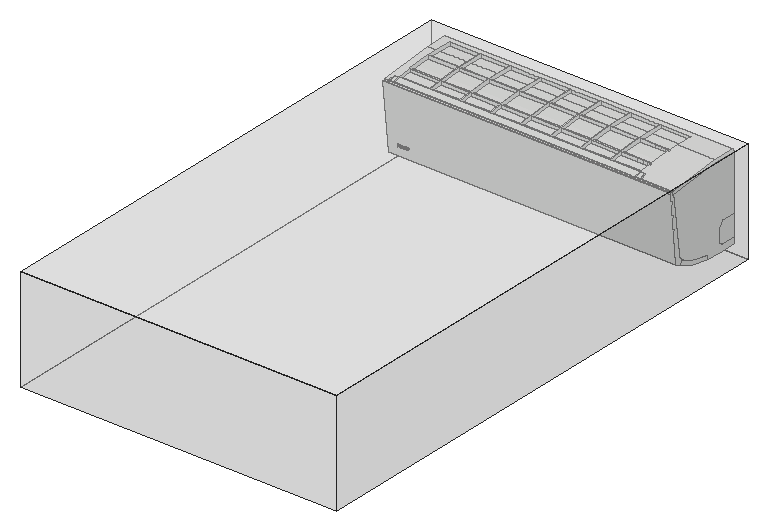
Revit family "outputfile", category 機械設備, Revit 2024
Family settings
  丸型コネクタ寸法 = 半径を使用
  パーツ タイプ = 標準
  OmniClass 番号 = 23.75.10.24.21.27.27
  OmniClass タイトル = Split System Air Conditioning Units
  作業面ベース = いいえ
  常に垂直 = はい
  ロード時にボイドで切り取り = いいえ
  注釈の向きを維持 = いいえ
  共有 = いいえ
  部屋計算ポイント = いいえ
Parameters (values of type "FTKF75CV1MF")
  Description = ""
  書き出し IFC クラス(タイプ) = "IfcUnitaryEquipmentType"
  定義済み IFC タイプ(タイプ) = "AIRCONDITIONINGUNIT"
  Cost = 0
  Type Comments = ""
  Keynote = ""
  Type Image = (empty or 0)
  Assembly Code = ""
  switch_frequency = yes
  lw_connection [instance] = if(Width = 730.0 mm, 85.0 mm, if(Width = 770.0 mm, 48.0 mm, 60.0 mm))  # 60.0 mm
  製造元 = "Daikin"
  モデル = "FTKF75CV1MF"
  r_Liquid Pipe Size = Liquid Pipe Size / 2  # 4.75 mm
  r_Gas Pipe Size = Gas Pipe Size / 2  # 7.95 mm
  r_Drain Pipe Size = Drain Pipe Size / 2  # 9.55 mm
  lw_powersupply [instance] = if(Width = 730.0 mm, if(or(Rear Right Connection_refrigerant, Bottom Right Connection_refrigerant), 65.0 mm, if(or(Rear Left Connection_refrigerant, Bottom Left Connection_refrigerant), 695.0 mm, 400.0 mm)), if(Width = 770.0 mm, if(or(Rear Right Connection_refrigerant, Bottom Right Connection_refrigerant), 68.0 mm, if(or(Rear Left Connection_refrigerant, Bottom Left Connection_refrigerant), 705.0 mm, 400.0 mm)), if(or(Rear Right Connection_refrigerant, Bottom Right Connection_refrigerant), 83.0 mm, if(or(Rear Left Connection_refrigerant, Bottom Left Connection_refrigerant), 928.0 mm, 400.0 mm))))  # 400.0 mm
  lw_liquidpipe [instance] = if(Width = 730.0 mm, if(or(Rear Right Connection_refrigerant, Bottom Right Connection_refrigerant), 0.0 mm, if(or(Rear Left Connection_refrigerant, Bottom Left Connection_refrigerant), 582.0 mm, 473.0 mm)), if(Width = 770.0 mm, if(or(Rear Right Connection_refrigerant, Bottom Right Connection_refrigerant), 0.0 mm, if(or(Rear Left Connection_refrigerant, Bottom Left Connection_refrigerant), 682.0 mm, 385.0 mm)), if(or(Rear Right Connection_refrigerant, Bottom Right Connection_refrigerant), 10.0 mm, if(or(Rear Left Connection_refrigerant, Bottom Left Connection_refrigerant), 858.0 mm, 435.0 mm))))  # 435.0 mm
  lw_gaspipe [instance] = if(Width = 730.0 mm, if(or(Rear Right Connection_refrigerant, Bottom Right Connection_refrigerant), 0.0 mm, if(or(Rear Left Connection_refrigerant, Bottom Left Connection_refrigerant), 576.0 mm, 428.0 mm)), if(Width = 770.0 mm, if(or(Rear Right Connection_refrigerant, Bottom Right Connection_refrigerant), 0.0 mm, if(or(Rear Left Connection_refrigerant, Bottom Left Connection_refrigerant), 675.0 mm, 335.0 mm)), if(or(Rear Right Connection_refrigerant, Bottom Right Connection_refrigerant), 0.0 mm, if(or(Rear Left Connection_refrigerant, Bottom Left Connection_refrigerant), 851.0 mm, 400.0 mm))))  # 400.0 mm
  lw_drainpipe [instance] = if(Width = 730.0 mm, if(or(Rear Right Connection_refrigerant, Bottom Right Connection_refrigerant), 0.0 mm, if(or(Rear Left Connection_refrigerant, Bottom Left Connection_refrigerant), 590.0 mm, 488.0 mm)), if(Width = 770.0 mm, if(or(Rear Right Connection_refrigerant, Bottom Right Connection_refrigerant), 0.0 mm, if(or(Rear Left Connection_refrigerant, Bottom Left Connection_refrigerant), 695.0 mm, 440.0 mm)), if(or(Rear Right Connection_refrigerant, Bottom Right Connection_refrigerant), 0.0 mm, if(or(Rear Left Connection_refrigerant, Bottom Left Connection_refrigerant), 888.0 mm, 475.0 mm))))  # 475.0 mm
  l_powersupply_length [instance] = if(Width = 730.0 mm, if(Right Connection_refrigerant, 400.0 mm, if(Left Connection_refrigerant, 330.0 mm, if(or(Bottom Left Connection_refrigerant, Bottom Right Connection_refrigerant), 57.0 mm, if(or(Rear Left Connection_refrigerant, Rear Right Connection_refrigerant), 15.0 mm, 50.0 mm)))), if(Width = 770.0 mm, if(Right Connection_refrigerant, 400.0 mm, if(Left Connection_refrigerant, 370.0 mm, if(or(Bottom Left Connection_refrigerant, Bottom Right Connection_refrigerant), 57.0 mm, if(or(Rear Left Connection_refrigerant, Rear Right Connection_refrigerant), 15.0 mm, 50.0 mm)))), if(Right Connection_refrigerant, 400.0 mm, if(Left Connection_refrigerant, 590.0 mm, if(or(Bottom Left Connection_refrigerant, Bottom Right Connection_refrigerant), 57.0 mm, if(or(Rear Left Connection_refrigerant, Rear Right Connection_refrigerant), 15.0 mm, 50.0 mm))))))  # 400.0 mm
  l_liquidpipe_length [instance] = if(Width = 730.0 mm, if(Right Connection_refrigerant, 558.0 mm, if(Left Connection_refrigerant, 172.0 mm, if(or(Bottom Left Connection_refrigerant, Bottom Right Connection_refrigerant), 48.0 mm, if(or(Rear Left Connection_refrigerant, Rear Right Connection_refrigerant), 30.0 mm, 40.0 mm)))), if(Width = 770.0 mm, if(Right Connection_refrigerant, 433.0 mm, if(Left Connection_refrigerant, 337.0 mm, if(or(Bottom Left Connection_refrigerant, Bottom Right Connection_refrigerant), 48.0 mm, if(or(Rear Left Connection_refrigerant, Rear Right Connection_refrigerant), 30.0 mm, 40.0 mm)))), if(Right Connection_refrigerant, 495.0 mm, if(Left Connection_refrigerant, 495.0 mm, if(or(Bottom Left Connection_refrigerant, Bottom Right Connection_refrigerant), 48.0 mm, if(or(Rear Left Connection_refrigerant, Rear Right Connection_refrigerant), 30.0 mm, 40.0 mm))))))  # 495.0 mm
  l_gaspipe_length [instance] = if(Width = 730.0 mm, if(Right Connection_refrigerant, 513.0 mm, if(Left Connection_refrigerant, 217.0 mm, if(or(Bottom Left Connection_refrigerant, Bottom Right Connection_refrigerant), 57.0 mm, if(or(Rear Left Connection_refrigerant, Rear Right Connection_refrigerant), 40.0 mm, 50.0 mm)))), if(Width = 770.0 mm, if(Right Connection_refrigerant, 383.0 mm, if(Left Connection_refrigerant, 387.0 mm, if(or(Bottom Left Connection_refrigerant, Bottom Right Connection_refrigerant), 57.0 mm, if(or(Rear Left Connection_refrigerant, Rear Right Connection_refrigerant), 40.0 mm, 50.0 mm)))), if(Right Connection_refrigerant, 460.0 mm, if(Left Connection_refrigerant, 530.0 mm, if(or(Bottom Left Connection_refrigerant, Bottom Right Connection_refrigerant), 57.0 mm, if(or(Rear Left Connection_refrigerant, Rear Right Connection_refrigerant), 40.0 mm, 50.0 mm))))))  # 460.0 mm
  l_drainpipe_length [instance] = if(Width = 730.0 mm, if(Right Connection_refrigerant, 573.0 mm, if(Left Connection_refrigerant, 157.0 mm, if(or(Bottom Left Connection_refrigerant, Bottom Right Connection_refrigerant), 35.0 mm, if(or(Rear Left Connection_refrigerant, Rear Right Connection_refrigerant), 15.0 mm, 20.0 mm)))), if(Width = 770.0 mm, if(Right Connection_refrigerant, 488.0 mm, if(Left Connection_refrigerant, 282.0 mm, if(or(Bottom Left Connection_refrigerant, Bottom Right Connection_refrigerant), 35.0 mm, if(or(Rear Left Connection_refrigerant, Rear Right Connection_refrigerant), 15.0 mm, 20.0 mm)))), if(Right Connection_refrigerant, 535.0 mm, if(Left Connection_refrigerant, 455.0 mm, if(or(Bottom Left Connection_refrigerant, Bottom Right Connection_refrigerant), 35.0 mm, if(or(Rear Left Connection_refrigerant, Rear Right Connection_refrigerant), 15.0 mm, 20.0 mm))))))  # 535.0 mm
  h*** = 0.0 mm  # constant formula
  connector_voltage = Voltage_50Hz  # 230 V
  connector_powerinput = [Power Input (Cooling)]  # 2.180 kW
  connector_phase = Phase_50Hz  # 1
  angle_vertical [instance] = if(or(Bottom Left Connection_refrigerant, Bottom Right Connection_refrigerant), 0.00°, 90.00°)  # 90.00°
  angle_horizontal [instance] = if(Right Connection_refrigerant, 90.00°, if(Left Connection_refrigerant, -90.00°, if(or(Rear Left Connection_refrigerant, Rear Right Connection_refrigerant), 180.00°, 0.00°)))  # 90.00°
  Width = 990.0 mm
  Voltage_comment_50Hz = "220 - 240"
  Voltage_50Hz = 230 V
  Version = "ver.1.0"
  Unit Type = "Wall Mounted"
  Unit Mass Weight = 13.00 kg
  Unit Designation [instance] = ""
  Uniclass2015Version = "Products v1.30"
  Uniclass2015Title = "Split coil room air conditioning units"
  Uniclass2015Code = "Pr_70_65_03_86"
  URL = ""
  Total Cooling Capacity [instance] = 0.000 kW
  Sound Pressure Level_M speed (dBA) = 41
  Sound Pressure Level_L speed (dBA) = 36
  Sound Pressure Level_H speed (dBA) = 44
  Sound Power Level_H speed (dB) = 0
  Series = "Single Split_Fan Coil Unit"
  Sensible Cooling Capacity [instance] = 0.000 kW
  Refrigerant Type = "R32"
  Power Input (Cooling) = 2.180 kW
  Phase_50Hz = 1
  Option Accessory 3 [instance] = ""
  Option Accessory 2 [instance] = ""
  Option Accessory 1 [instance] = ""
  Nominal Cooling Capacity = 7.500 kW
  Minimum Circuit Amps_50Hz = 17.9 A
  Minimum Airflow = 816.00 m³/h
  Median Airflow = 951.00 m³/h
  Maximum Fuse Amps_50Hz = 20.0 A
  Maximum Airflow = 1189.00 m³/h
  Material_Casing = DAIKIN_White_Casing_indoorunit
  Load Classification = HVAC
  Liquid Pipe Size = 9.5 mm
  Link_Nested Family [instance] = ""
  IfcVersion = ""
  IfcExportType = "AIRCONDITIONINGUNIT"
  IfcExportAs = "IfcUnitaryEquipmentType"
  Height = 297.0 mm
  Heat Exchanger Type = "Cross Fin Coil"
  Gas Pipe Size = 15.9 mm
  Frequency_50Hz = 50 Hz
  Fan Type = "Cross Flow Fan"
  Fan Drive = "-"
  FCU Tag No. [instance] = ""
  Drain Pipe Size = 19.1 mm
  Design Supply Airflow [instance] = 0.00 m³/h
  Depth = 273.0 mm
  既定の高さ = 0.0 mm
  Cooling Entering Wet Bulb Temperature [instance] = 0.00 °C
  Cooling Entering Dry Bulb Temperature [instance] = 0.00 °C
  Cooling Ambient Wet Bulb Temperature [instance] = 0.00 °C
  Cooling Ambient Dry Bulb Temperature [instance] = 0.00 °C
  Clearance visibility [instance] = yes
  Clearance Top = 30.0 mm
  Clearance Right = 50.0 mm
  Clearance Rear = 0.0 mm
  Clearance Left = 50.0 mm
  Clearance Front = 1500.0 mm
  Clearance Bottom = 30.0 mm
  Bottom Right Connection_refrigerant [instance] = no
  Bottom Left Connection_refrigerant [instance] = no
  Rear Right Connection_refrigerant [instance] = no
  Rear Left Connection_refrigerant [instance] = no
  Right Connection_refrigerant [instance] = yes
  Left Connection_refrigerant [instance] = no
Reference planes
  plane 1 "Back": y = 0
  plane 2: z = 0
  plane 3 "Center (Left/Right)": x = 0
  plane 4 "Center (Front/Back)": y = -136.5
  plane 5 "Front": y = -273
  plane 6 "Left": x = -495
  plane 7 "Right": x = 495
  plane 8 "Top": z = 0
  plane 9 "Bottom": z = -297
  plane 10 "Front panel_Left": x = -493
  plane 11 "Front panel_Right": x = 493
  plane 12: x = 359
  plane 13: x = 354
  plane 14: x = -545
  plane 15: x = 545
  plane 16: y = 0
  plane 17: y = -1773
  plane 18: z = 30
  plane 19: z = -327
  plane 20 "lw_Piping and Wiring intake": x = 435
  plane 21 "lw_gaspipe": x = 35
  plane 22 "lw_liquidpipe": x = 0
  plane 23 "lw_drainpipe": x = -40
  plane 24 "lh_drainpipe": z = -262
  plane 25 "lh_liquidpipe": z = -249
  plane 26 "lh_gaspipe": z = -240
  plane 27 "ld_drainpipe": y = -15
  plane 28 "ld_liquidpipe": y = -30
  plane 29 "ld_gaspipe": y = -40
  plane 30 "lw_powersupply": x = 95
Dimensions and locks
  equal spacing: plane 6 "Left", plane 3 "Center (Left/Right)", plane 7 "Right"
  "Width": plane 6 "Left" to plane 7 "Right"
  equal spacing: plane 5 "Front", plane 4 "Center (Front/Back)", plane 1 "Back"
  "Depth": plane 5 "Front" to plane 1 "Back"
  "Height": plane 8 "Top" to plane 9 "Bottom"
  locked: plane 10 "Front panel_Left" to plane 6 "Left" at 2
  locked: plane 7 "Right" to plane 11 "Front panel_Right" at 2
  locked: plane 7 "Right" to plane 12 at 136
  locked: plane 12 to plane 13 at 5
  "Clearance Rear": plane 16 to plane 1 "Back"
  "Clearance Front": plane 17 to plane 5 "Front"
  "Clearance Top": plane 18 to plane 8 "Top"
  "Clearance Bottom": plane 9 "Bottom" to plane 19
  "lw_connection": plane 20 "lw_Piping and Wiring intake" to plane 7 "Right"
  "lw_gaspipe": plane 21 "lw_gaspipe" to plane 20 "lw_Piping and Wiring intake"
  "lw_liquidpipe": plane 22 "lw_liquidpipe" to plane 20 "lw_Piping and Wiring intake"
  "lw_drainpipe": plane 23 "lw_drainpipe" to plane 20 "lw_Piping and Wiring intake"
  locked: plane 24 "lh_drainpipe" to plane 9 "Bottom" at 35
  locked: plane 25 "lh_liquidpipe" to plane 9 "Bottom" at 48
  locked: plane 26 "lh_gaspipe" to plane 9 "Bottom" at 57
  locked: plane 27 "ld_drainpipe" to plane 1 "Back" at 15
  locked: plane 1 "Back" to plane 28 "ld_liquidpipe" at 30
  locked: plane 1 "Back" to plane 29 "ld_gaspipe" at 40
  "lw_powersupply": plane 30 "lw_powersupply" to plane 7 "Right"
  "Clearance Left": plane 14 to plane 6 "Left"
  "Clearance Right": plane 7 "Right" to plane 15
  aligned and locked: level to plane 2
  aligned and locked: plane 19 to nested 1
  aligned and locked: plane 18 to nested 1
  aligned and locked: plane 21 "lw_gaspipe" to nested 2
  aligned and locked: nested 2 to plane 29 "ld_gaspipe"
  aligned and locked: plane 22 "lw_liquidpipe" to nested 3
  aligned and locked: nested 3 to plane 28 "ld_liquidpipe"
  aligned and locked: plane 23 "lw_drainpipe" to nested 4
  aligned and locked: nested 4 to plane 27 "ld_drainpipe"
  aligned and locked: nested 5 to plane 27 "ld_drainpipe"
  aligned and locked: plane 30 "lw_powersupply" to nested 5
  aligned and locked: level to plane 8 "Top"
  aligned and locked: nested 1 to plane 14
  aligned and locked: nested 1 to plane 15
  aligned and locked: plane 16 to nested 1
  aligned and locked: nested 1 to plane 17
Nested families
  nested 1: "daikin_clearancespace" at (0, -886.5, -148.381), show <- "Clearance visibility", visible <- "Clearance visibility", Link_Nested Family <- "Link_Nested Family", type "daikin_clearancespace"
    with width 1090.0 mm, show yes, height 357.0 mm, depth 1773.0 mm, Link_Nested Family ""
  nested 2: "daikin_connector_rotate3" at (35, -40, -240), angle_vertical <- "angle_vertical", angle_horizontal <- "angle_horizontal", length <- "l_gaspipe_length", radius <- "r_Gas Pipe Size", type "daikin_connector_rotate3"
    with show no, radius 7.95 mm, length 460.0 mm, angle_vertical 90.00°, angle_horizontal 90.00°
  nested 3: "daikin_connector_rotate3" at (0, -30, -249), angle_vertical <- "angle_vertical", angle_horizontal <- "angle_horizontal", radius <- "r_Liquid Pipe Size", length <- "l_liquidpipe_length", type "daikin_connector_rotate3"
    with show no, radius 4.75 mm, length 495.0 mm, angle_vertical 90.00°, angle_horizontal 90.00°
  nested 4: "daikin_connector_rotate3" at (-40, -15, -262), angle_vertical <- "angle_vertical", angle_horizontal <- "angle_horizontal", length <- "l_drainpipe_length", radius <- "r_Drain Pipe Size", type "daikin_connector_rotate3"
    with show no, radius 9.55 mm, length 535.0 mm, angle_vertical 90.00°, angle_horizontal 90.00°
  nested 5: "daikin_connector_rotate3" at (95, -15, -240), angle_vertical <- "angle_vertical", angle_horizontal <- "angle_horizontal", length <- "l_powersupply_length", type "daikin_connector_rotate3"
    with show no, radius 10.0 mm, length 400.0 mm, angle_vertical 90.00°, angle_horizontal 90.00°
  nested 6: "DAIKIN_indoorunit_FTKF-CV1MF" at (-31, 0, 0), type "FTKF-CV1MF"
    with switch_unit1_60-71 yes, switch_unit1_20-25 no, Width 990.0 mm, WALL HOLE-R 48.0 mm, Height 297.0 mm
Connectors
  piping at (495, -40, -240), diameter 15.9, driven by "r_Gas Pipe Size"
    settings: on nested 2, index 1, connector inside diameter 609.6 mm, connector length 0.0 mm, flow factor 0, pipe flow 0.00 m³/h, pressure drop 0.0 Pa, fitting loss kfactor 0, connector angle 0.00°, fixture units 0, engagement length 0.0 mm, angle of deflection 0.00°, flow configuration 1, flow direction 2, fitting loss method 0, system type 29, joint type 0, gender type 0, connector reference index -1, connector utility 0, adjustable connector no, is connector primary yes, connector description "Refrigerant Gas Piping"
  piping at (495, -30, -249), diameter 9.5, driven by "r_Liquid Pipe Size"
    settings: on nested 3, index 2, connector inside diameter 609.6 mm, connector length 0.0 mm, flow factor 0, pipe flow 0.00 m³/h, pressure drop 0.0 Pa, fitting loss kfactor 0, connector angle 0.00°, fixture units 0, engagement length 0.0 mm, angle of deflection 0.00°, flow configuration 1, flow direction 1, fitting loss method 0, system type 29, joint type 0, gender type 0, connector reference index -1, connector utility 0, adjustable connector no, is connector primary no, connector description "Refrigerant Liquid Piping"
  piping at (495, -15, -262), diameter 19.1, driven by "r_Drain Pipe Size"
    settings: on nested 4, index 3, connector inside diameter 609.6 mm, connector length 0.0 mm, flow factor 0, pipe flow 0.00 m³/h, pressure drop 0.0 Pa, fitting loss kfactor 0, connector angle 0.00°, fixture units 0, engagement length 0.0 mm, angle of deflection 0.00°, flow configuration 1, flow direction 2, fitting loss method 4, system type 16, joint type 0, gender type 0, connector reference index -1, connector utility 0, adjustable connector no, is connector primary no, connector description "Condensate Drain Piping"
  electrical at (495, -15, -240), driven by "Load Classification", driven by "connector_powerinput", driven by "connector_phase", driven by "connector_voltage"
    settings: on nested 5, index 4, voltage 230 V, apparent load 2180 VA, apparent load phase1 0 VA, apparent load phase2 0 VA, apparent load phase3 0 VA, power factor 1, load classification "HVAC", number of poles 1, system type 30, power factor state 1, is connector primary yes, connector utility no, sub classification motor no, connector description "Power Supply"
Definition of nested family "daikin_clearancespace"
  Parameters (values of type "daikin_clearancespace")
    Description = "daikin_clearancespace"
    width [instance] = 1823.963 mm
    show [instance] = yes
    material = none
    height [instance] = 1359.762 mm
    depth [instance] = 880.0 mm
    Default Elevation = 0.0 mm
    Link_Nested Family [instance] = ""
  Reference planes
    plane 1 "Center (Front/Back)": y = 0
    plane 2 "Center (Elevation)": z = -0.119
    plane 3 "Center (Left/Right)": x = 0
    plane 4: y = 440
    plane 5: y = -440
    plane 6 "Right": x = 911.982
    plane 7 "Left": x = -911.982
    plane 8 "Top": z = 679.762
    plane 9 "Bottom": z = -680
  Forms (mm)
    Extrusion 1, solid, material <- "material", visible <- "show"
      sketch origin (0, 0, 0) x (1, 0, 0) y (0, 1, 0)
        loop
          line (-911.982, 440) -> (-911.982, -440) -> (911.982, -440) -> (911.982, 440) -> (-911.982, 440)
      from -680 to 679.762
  Lines and regions (mm)
    symbolic lines, visible <- "show"
      curve 1: line (911.982, 440, 0) -> (-911.982, 440, 0)
      curve 2: line (-911.982, 440, 0) -> (-911.982, -440, 0)
      curve 3: line (-911.982, -440, 0) -> (911.982, -440, 0)
      curve 4: line (911.982, -440, 0) -> (911.982, 440, 0)
      curve 5: line (911.982, 0, 679.762) -> (-911.982, 0, 679.762)
      curve 6: line (911.982, 0, -680) -> (911.982, 0, 679.762)
      curve 7: line (-911.982, 0, -680) -> (911.982, 0, -680)
      curve 8: line (-911.982, 0, 679.762) -> (-911.982, 0, -680)
      curve 9: line (0, 440, 679.762) -> (0, -440, 679.762)
      curve 10: line (0, -440, 679.762) -> (0, -440, -680)
      curve 11: line (0, 440, -680) -> (0, 440, 679.762)
      curve 12: line (0, -440, -680) -> (0, 440, -680)
  Dimensions and locks
    "width": plane 7 "Left" to plane 6 "Right"
    "depth": plane 4 to plane 5
    "height": plane 8 "Top" to plane 9 "Bottom"
    equal spacing: plane 7 "Left", plane 3 "Center (Left/Right)", plane 6 "Right"
    equal spacing: plane 4, plane 1 "Center (Front/Back)", plane 5
    equal spacing: plane 8 "Top", plane 2 "Center (Elevation)", plane 9 "Bottom"
    aligned and locked: level to plane 2 "Center (Elevation)"
    aligned and locked: Extrusion 1 sketch curve to plane 4
    aligned and locked: plane 7 "Left" to Extrusion 1 sketch curve
    aligned and locked: Extrusion 1 sketch curve to plane 5
    aligned and locked: Extrusion 1 sketch curve to plane 6 "Right"
    aligned and locked: plane 8 "Top" to Extrusion 1
    aligned and locked: curve 1 to Extrusion 1
    aligned and locked: curve 2 to Extrusion 1
    aligned and locked: curve 3 to Extrusion 1
    aligned and locked: curve 4 to Extrusion 1
    aligned and locked: curve 5 to Extrusion 1
    aligned and locked: curve 6 to Extrusion 1
    aligned and locked: curve 7 to Extrusion 1
    aligned and locked: curve 8 to Extrusion 1
    aligned and locked: curve 9 to Extrusion 1
    aligned and locked: curve 10 to Extrusion 1
    aligned and locked: curve 11 to Extrusion 1
    aligned and locked: curve 12 to Extrusion 1
    aligned and locked: Extrusion 1 to plane 9 "Bottom"
Definition of nested family "DAIKIN_indoorunit_FTKF-CV1MF"
  Parameters (values of type "FTKF-CV1MF")
    switch_unit1_60-71 = Width = 990.0 mm  # no
    switch_unit1_35-50 = Width = 770.0 mm  # no
    switch_unit1_20-25 = Width = 730.0 mm  # yes
    Width = 730.0 mm
    WALL HOLE-R = if(Width = 730.0 mm, 79.0 mm, 48.0 mm)  # 79.0 mm
    Material_Casing = none
    Height = if(Width = 730.0 mm, 280.0 mm, if(Width = 770.0 mm, 288.0 mm, 297.0 mm))  # 280.0 mm
    Default Elevation = 0.0 mm
  Reference planes
    plane 1 "Center (Front/Back)": y = 0
    plane 2 "reference_level": z = 0
    plane 3 "Center (Left/Right)": x = 31
    plane 4: x = -334
    plane 5: x = 396
    plane 6: z = -280
  Forms (mm)
    Extrusion 1, solid, material <- "Material_Casing", visible <- "switch_unit1_20-25"
      sketch origin (31, 0, 0) x (0, 1, 0) y (0, 0, 1)
        loop
          line (-109.519, -8) -> (-2.596, -8) -> (-8.198, 0) -> (-109.608, 0)
          arc (-109.608, 0) -> (-157.226, -5.2) -> (-202.599, -20.555) r 220.623
          line (-202.599, -20.555) -> (-202.447, -29.25)
          arc (-202.447, -29.25) -> (-157.182, -13.38) -> (-109.519, -8) r 213.82
      from -365 to 365
    Extrusion 2, solid, material <- "Material_Casing", visible <- "switch_unit1_20-25"
      sketch origin (416, 1304.033, 1200.206) x (0, 1, 0) y (0, 0, 1)
        loop
          arc (-1496.513, -1423.164) -> (-1487.225, -1434.204) -> (-1476.373, -1443.711) r 95
          arc (-1476.373, -1443.711) -> (-1448.371, -1461.92) -> (-1418.191, -1476.232) r 250
          line (-1418.191, -1476.232) -> (-1418.191, -1465.318)
          arc (-1418.191, -1465.318) -> (-1445.052, -1452.134) -> (-1470.063, -1435.711) r 240
          arc (-1470.063, -1435.711) -> (-1477.766, -1429.186) -> (-1484.641, -1421.794) r 85
          line (-1484.641, -1421.794) -> (-1496.513, -1423.164)
      from -20 to -177
    Extrusion 3, solid, material <- "Material_Casing", visible <- "switch_unit1_20-25"
      sketch origin (31, 0, 0) x (0, 1, 0) y (0, 0, 1)
        loop
          line (-202.769, -10.816) -> (-211.618, -13.692)
          arc (-211.618, -13.692) -> (-212.628, -14.432) -> (-213, -15.629) r 2
          line (-213, -15.629) -> (-210.348, -167.5)
          arc (-210.348, -167.5) -> (-206.029, -195.818) -> (-193.465, -221.562) r 95
          line (-193.465, -221.562) -> (-181.653, -220.199)
          arc (-181.653, -220.199) -> (-195.31, -195.356) -> (-200.037, -167.403) r 85
          line (-200.037, -167.403) -> (-202.769, -10.816)
      from -365 to 365
    Extrusion 4, solid, material <- "Material_Casing", visible <- "switch_unit1_20-25"
      sketch origin (31, 0, 0) x (0, 1, 0) y (0, 0, 1)
        loop
          line (0, -280) -> (0, -11.707) -> (-2.596, -8) -> (-109.519, -8)
          arc (-109.519, -8) -> (-156.378, -13.198) -> (-200.959, -28.539) r 213.82
          line (-200.959, -28.539) -> (-198.537, -167.295)
          arc (-198.537, -167.295) -> (-189.766, -204.754) -> (-165.131, -234.305) r 83.5
          arc (-165.131, -234.305) -> (-139.841, -250.873) -> (-112.659, -264.109) r 238.5
          line (-112.659, -264.109) -> (-112.659, -276.338)
          arc (-112.659, -276.338) -> (-100.834, -279.079) -> (-88.731, -280) r 80
          line (-88.731, -280) -> (0, -280)
      from -365 to 365
    Extrusion 5, solid, material <- "Material_Casing", visible <- "switch_unit1_20-25"
      sketch origin (-354, 1304.033, 1200.206) x (0, 1, 0) y (0, 0, 1)
        loop
          arc (-1496.513, -1423.164) -> (-1487.225, -1434.204) -> (-1476.373, -1443.711) r 95
          arc (-1476.373, -1443.711) -> (-1448.371, -1461.92) -> (-1418.191, -1476.232) r 250
          line (-1418.191, -1476.232) -> (-1418.191, -1465.318)
          arc (-1418.191, -1465.318) -> (-1445.052, -1452.134) -> (-1470.063, -1435.711) r 240
          arc (-1470.063, -1435.711) -> (-1477.766, -1429.186) -> (-1484.641, -1421.794) r 85
          line (-1484.641, -1421.794) -> (-1496.513, -1423.164)
      from 72 to 20
    Extrusion 6, solid, material <- "Material_Casing", visible <- "switch_unit1_20-25"
      sketch origin (31, 7.782, 0.206) x (0, 1, 0) y (0, 0, 1)
        loop
          line (-188.39, -221.794) -> (-200.262, -223.164)
          arc (-200.262, -223.164) -> (-190.975, -234.204) -> (-180.122, -243.711) r 95
          arc (-180.122, -243.711) -> (-152.12, -261.92) -> (-121.941, -276.232) r 250
          line (-121.941, -276.232) -> (-121.941, -265.318)
          arc (-121.941, -265.318) -> (-148.801, -252.134) -> (-173.813, -235.711) r 240
          arc (-173.813, -235.711) -> (-181.515, -229.186) -> (-188.39, -221.794) r 85
      from 204 to -309
    Extrusion 7, void
      sketch origin (31, 0, -235) x (1, 0, 0) y (0, 1, 0)
        loop
          line (-324.633, -72.419) -> (-304, -73.5) -> (-234.9, -73.5) -> (-234.9, -24.5) -> (-324.633, -24.5) -> (-324.633, -72.419)
        loop
          line (-304, -74.9) -> (-324.633, -75.939) -> (-324.633, -139.819) -> (-304, -140.9) -> (-234.9, -140.9) -> (-234.9, -74.9) -> (-304, -74.9)
        loop
          line (-304, -142.3) -> (-324.633, -143.326) -> (-324.633, -182.209) -> (-300, -183.5) -> (-234.9, -183.5) -> (-234.9, -142.3) -> (-304, -142.3)
        loop
          line (-233.5, -142.3) -> (-233.5, -183.5) -> (-146.9, -183.5) -> (-146.9, -142.3) -> (-233.5, -142.3)
        loop
          line (-233.5, -140.9) -> (-146.9, -140.9) -> (-146.9, -74.9) -> (-233.5, -74.9) -> (-233.5, -140.9)
        loop
          line (-233.5, -73.5) -> (-146.9, -73.5) -> (-146.9, -24.5) -> (-233.5, -24.5) -> (-233.5, -73.5)
        loop
          line (-145.5, -73.5) -> (-74.9, -73.5) -> (-54.9, -72.452) -> (-54.9, -24.5) -> (-145.5, -24.5) -> (-145.5, -73.5)
        loop
          line (-145.5, -74.9) -> (-145.5, -140.9) -> (-74.9, -140.9) -> (-54.9, -139.852) -> (-54.9, -75.948) -> (-74.9, -74.9) -> (-145.5, -74.9)
        loop
          line (-145.5, -142.3) -> (-145.5, -183.5) -> (-74.9, -183.5) -> (-54.9, -182.452) -> (-54.9, -143.348) -> (-74.9, -142.3) -> (-145.5, -142.3)
        loop
          line (-53.5, -24.5) -> (-53.5, -72.452) -> (-33.5, -73.5) -> (36.5, -73.5) -> (36.5, -24.5) -> (-53.5, -24.5)
        loop
          line (-53.5, -75.948) -> (-53.5, -139.852) -> (-33.5, -140.9) -> (36.5, -140.9) -> (36.5, -74.9) -> (-33.5, -74.9) -> (-53.5, -75.948)
        loop
          line (-33.5, -142.3) -> (-53.5, -143.348) -> (-53.5, -182.452) -> (-33.5, -183.5) -> (36.5, -183.5) -> (36.5, -142.3) -> (-33.5, -142.3)
        loop
          line (37.9, -24.5) -> (37.9, -73.5) -> (124.9, -73.5) -> (124.9, -24.5) -> (37.9, -24.5)
        loop
          line (37.9, -74.9) -> (37.9, -140.9) -> (124.9, -140.9) -> (124.9, -74.9) -> (37.9, -74.9)
        loop
          line (37.9, -142.3) -> (37.9, -183.5) -> (124.9, -183.5) -> (124.9, -142.3) -> (37.9, -142.3)
        loop
          line (126.3, -24.5) -> (126.3, -73.5) -> (195.6, -73.5) -> (216, -72.431) -> (216, -24.5) -> (126.3, -24.5)
        loop
          line (126.3, -74.9) -> (126.3, -140.9) -> (198.5, -140.9) -> (216, -139.983) -> (216, -75.817) -> (198.5, -74.9) -> (126.3, -74.9)
        loop
          line (126.3, -142.3) -> (126.3, -183.5) -> (198.337, -183.5) -> (216, -182.623) -> (216, -143.217) -> (198.5, -142.3) -> (126.3, -142.3)
      from 201.638 to 250
    Extrusion 8, solid, material <- "Material_Casing"
      sketch origin (31, 0, 0) x (1, 0, 0) y (0, 0, 1)
        loop
          circle (286, -235) r 40
        loop
          circle (-317, -235) r 40
      from 0 to 5
    Extrusion 9, solid, material <- "Material_Casing", visible <- "switch_unit1_20-25"
      sketch origin (396, 1296.25, 1200) x (0, -1, 0) y (0, 0, 1)
        loop
          line (1326.25, -1413) -> (1296.25, -1413) -> (1296.25, -1473) -> (1326.25, -1473)
          arc (1326.25, -1473) -> (1340.393, -1467.142) -> (1346.25, -1453) r 20
          line (1346.25, -1453) -> (1346.25, -1433)
          arc (1346.25, -1433) -> (1340.393, -1418.858) -> (1326.25, -1413) r 20
      from 0 to 5
    Extrusion 10, solid, material <- "Material_Casing", visible <- "switch_unit1_20-25"
      sketch origin (-334, 1296.25, 1200) x (0, 1, 0) y (0, 0, 1)
        loop
          line (-1296.25, -1413) -> (-1326.25, -1413)
          arc (-1326.25, -1413) -> (-1340.393, -1418.858) -> (-1346.25, -1433) r 20
          line (-1346.25, -1433) -> (-1346.25, -1453)
          arc (-1346.25, -1453) -> (-1340.393, -1467.142) -> (-1326.25, -1473) r 20
          line (-1326.25, -1473) -> (-1296.25, -1473) -> (-1296.25, -1413)
      from 0 to 5
    Extrusion 11, solid, material <- "Material_Casing", visible <- "switch_unit1_20-25"
      sketch origin (11, 0, -285) x (-1, 0, 0) y (0, -1, 0)
        loop
          line (-279, 0) -> (-279, 30)
          arc (-279, 30) -> (-284.419, 43.081) -> (-297.5, 48.5) r 18.5
          line (-297.5, 48.5) -> (-320.5, 48.5)
          arc (-320.5, 48.5) -> (-333.581, 43.081) -> (-339, 30) r 18.5
          line (-339, 30) -> (-339, 0) -> (-279, 0)
        loop
          line (326, 0) -> (326, 30)
          arc (326, 30) -> (320.581, 43.081) -> (307.5, 48.5) r 18.5
          line (307.5, 48.5) -> (284.5, 48.5)
          arc (284.5, 48.5) -> (271.419, 43.081) -> (266, 30) r 18.5
          line (266, 30) -> (266, 0) -> (326, 0)
      from 10 to 5
    Extrusion 12, solid, material <- "Material_Casing", visible <- "switch_unit1_35-50"
      sketch origin (31, 0, 0) x (0, 1, 0) y (0, 0, 1)
        loop
          line (-5, 0) -> (-45.84, 0)
          arc (-45.84, 0) -> (-135.906, -3.965) -> (-225.275, -15.831) r 1024.823
          arc (-225.275, -15.831) -> (-224.639, -21.302) -> (-223.878, -26.758) r 241.564
          arc (-223.878, -26.758) -> (-135.207, -14.947) -> (-45.84, -11) r 1013.66
          line (-45.84, -11) -> (0, -11) -> (0, -9.02) -> (-5, 0)
      from -385 to 385
    Extrusion 13, solid, material <- "Material_Casing", visible <- "switch_unit1_35-50"
      sketch origin (31, 0, 0) x (0, 1, 0) y (0, 0, 1)
        loop
          arc (-226.673, -12.416) -> (-229.519, -12.929) -> (-232.363, -13.449) r 1025.776
          arc (-232.363, -13.449) -> (-233.586, -14.198) -> (-233.994, -15.573) r 2
          line (-233.994, -15.573) -> (-218.08, -217.408)
          arc (-218.08, -217.408) -> (-211.296, -237.286) -> (-195.807, -251.472) r 42.415
          line (-195.807, -251.472) -> (-186.556, -243.946)
          arc (-186.556, -243.946) -> (-193.981, -235.221) -> (-197.648, -224.366) r 30.386
          line (-197.648, -224.366) -> (-226.673, -12.416)
      from -385 to 385
    Extrusion 14, void
      sketch origin (33, 0, 0) x (1, 0, 0) y (0, 1, 0)
        loop
          line (-357.499, -23.5) -> (-357.499, -96.7) -> (-255.999, -96.7) -> (-255.999, -23.5) -> (-357.499, -23.5)
        loop
          line (-255.999, -99.1) -> (-357.499, -99.1) -> (-357.499, -170.1) -> (-255.999, -170.1) -> (-255.999, -99.1)
        loop
          line (-255.999, -171.7) -> (-357.499, -171.7) -> (-357.499, -201.7) -> (-255.999, -201.7) -> (-255.999, -171.7)
        loop
          line (-253.399, -23.5) -> (-253.399, -96.7) -> (-153.899, -96.7) -> (-153.899, -23.5) -> (-253.399, -23.5)
        loop
          line (-253.399, -99.1) -> (-253.399, -170.1) -> (-153.899, -170.1) -> (-153.899, -99.1) -> (-253.399, -99.1)
        loop
          line (-153.899, -171.7) -> (-253.399, -171.7) -> (-253.399, -201.7) -> (-153.899, -201.7) -> (-153.899, -171.7)
        loop
          line (-56.549, -23.5) -> (-151.299, -23.5) -> (-151.299, -96.7) -> (-56.549, -96.7) -> (-56.549, -23.5)
        loop
          line (-151.299, -99.1) -> (-151.299, -170.1) -> (-56.549, -170.1) -> (-56.549, -99.1) -> (-151.299, -99.1)
        loop
          line (-56.549, -171.7) -> (-151.299, -171.7) -> (-151.299, -201.7) -> (-56.549, -201.7) -> (-56.549, -171.7)
        loop
          line (50.301, -23.5) -> (-44.549, -23.5) -> (-44.549, -96.7) -> (50.301, -96.7) -> (50.301, -23.5)
        loop
          line (-44.549, -99.1) -> (-44.549, -170.1) -> (50.301, -170.1) -> (50.301, -99.1) -> (-44.549, -99.1)
        loop
          line (50.301, -171.7) -> (-44.549, -171.7) -> (-44.549, -201.7) -> (50.301, -201.7) -> (50.301, -171.7)
        loop
          line (52.901, -23.5) -> (52.901, -96.7) -> (152.401, -96.7) -> (152.401, -23.5) -> (52.901, -23.5)
        loop
          line (52.901, -99.1) -> (52.901, -170.1) -> (152.401, -170.1) -> (152.401, -99.1) -> (52.901, -99.1)
        loop
          line (52.901, -171.7) -> (52.901, -201.7) -> (152.401, -201.7) -> (152.401, -171.7) -> (52.901, -171.7)
        loop
          line (155.001, -23.5) -> (155.001, -96.7) -> (256.501, -96.7) -> (256.501, -23.5) -> (155.001, -23.5)
        loop
          line (155.001, -99.1) -> (155.001, -170.1) -> (217.501, -170.1) -> (229.501, -170.1) -> (241.501, -170.1) -> (256.501, -170.1) -> (256.501, -152.1) -> (256.501, -134.1) -> (256.501, -116.1) -> (256.501, -99.1) -> (241.501, -99.1) -> (229.501, -99.1) -> (217.501, -99.1) -> (155.001, -99.1)
        loop
          line (155.001, -171.7) -> (155.001, -201.7) -> (217.501, -201.7) -> (229.501, -201.7) -> (241.501, -201.7) -> (256.501, -201.7) -> (256.501, -171.7) -> (241.501, -171.7) -> (229.501, -171.7) -> (217.501, -171.7) -> (155.001, -171.7)
      from -40.013 to 47.268
    Extrusion 15, solid, material <- "Material_Casing", visible <- "switch_unit1_35-50"
      sketch origin (-356, 1308.25, 1200) x (0, 1, 0) y (0, 0, -1)
        loop
          line (-1407.524, 1473.254) -> (-1407.524, 1484.154)
          arc (-1407.524, 1484.154) -> (-1456.679, 1472.122) -> (-1503.106, 1451.987) r 299.52
          line (-1503.106, 1451.987) -> (-1494.032, 1444.604)
          arc (-1494.032, 1444.604) -> (-1451.915, 1462.363) -> (-1407.524, 1473.254) r 288.723
      from -2 to -49.5
    Extrusion 16, solid, material <- "Material_Casing", visible <- "switch_unit1_35-50"
      sketch origin (418, 1308.25, 1200) x (0, 1, 0) y (0, 0, 1)
        loop
          arc (-1407.524, -1473.254) -> (-1451.915, -1462.363) -> (-1494.032, -1444.604) r 288.723
          line (-1494.032, -1444.604) -> (-1503.106, -1451.987)
          arc (-1503.106, -1451.987) -> (-1456.679, -1472.122) -> (-1407.524, -1484.154) r 299.52
          line (-1407.524, -1484.154) -> (-1407.524, -1473.254)
      from -2 to -119.5
    Extrusion 17, solid, material <- "Material_Casing", visible <- "switch_unit1_35-50"
      sketch origin (418, 1308.25, 1200) x (0, 1, 0) y (0, 0, 1)
        loop
          line (-1407.524, -1484.154) -> (-1407.524, -1473.254)
          arc (-1407.524, -1473.254) -> (-1451.915, -1462.363) -> (-1494.032, -1444.604) r 288.723
          line (-1494.032, -1444.604) -> (-1503.106, -1451.987)
          arc (-1503.106, -1451.987) -> (-1456.679, -1472.122) -> (-1407.524, -1484.154) r 299.52
      from -119.5 to -724.5
    Extrusion 18, solid, material <- "Material_Casing", visible <- "switch_unit1_35-50"
      sketch origin (31, 0, -30) x (0, 1, 0) y (0, 0, 1)
        loop
          arc (-45.84, 19) -> (-135.218, 15.052) -> (-223.901, 3.238) r 1013.66
          line (-223.901, 3.238) -> (-196.855, -194.257)
          arc (-196.855, -194.257) -> (-192.985, -205.344) -> (-185.107, -214.052) r 29.589
          arc (-185.107, -214.052) -> (-142.926, -231.76) -> (-98.473, -242.568) r 288.081
          line (-98.473, -242.568) -> (-98.525, -254.271)
          arc (-98.525, -254.271) -> (-75.337, -257.066) -> (-52, -258) r 292.099
          line (-52, -258) -> (0, -258) -> (0, 19) -> (-45.84, 19)
      from -385 to 385
    Extrusion 19, solid, material <- "Material_Casing", visible <- "switch_unit1_35-50"
      sketch origin (416, 1296.25, 1200) x (0, -1, 0) y (0, 0, 1)
        loop
          line (1329.05, -1409.6) -> (1296.25, -1409.6) -> (1296.25, -1469.6) -> (1329.05, -1469.6)
          arc (1329.05, -1469.6) -> (1342.627, -1463.976) -> (1348.25, -1450.4) r 19.2
          line (1348.25, -1450.4) -> (1348.25, -1428.8)
          arc (1348.25, -1428.8) -> (1342.627, -1415.224) -> (1329.05, -1409.6) r 19.2
      from 0 to 5
    Extrusion 20, solid, material <- "Material_Casing", visible <- "switch_unit1_35-50"
      sketch origin (-349, 1296.25, 1200) x (0, -1, 0) y (0, 0, 1)
        loop
          line (1329.05, -1409.6) -> (1296.25, -1409.6) -> (1296.25, -1469.6) -> (1329.05, -1469.6)
          arc (1329.05, -1469.6) -> (1342.627, -1463.976) -> (1348.25, -1450.4) r 19.2
          line (1348.25, -1450.4) -> (1348.25, -1428.8)
          arc (1348.25, -1428.8) -> (1342.627, -1415.224) -> (1329.05, -1409.6) r 19.2
      from 0 to 5
    Extrusion 21, solid, material <- "Material_Casing", visible <- "switch_unit1_35-50"
      sketch origin (31, 200, -288) x (-1, 0, 0) y (0, -1, 0)
        loop
          line (369, 200) -> (369, 232)
          arc (369, 232) -> (363.142, 246.142) -> (349, 252) r 20
          line (349, 252) -> (329, 252)
          arc (329, 252) -> (314.858, 246.142) -> (309, 232) r 20
          line (309, 232) -> (309, 200) -> (369, 200)
        loop
          line (-369, 200) -> (-309, 200) -> (-309, 232)
          arc (-309, 232) -> (-314.858, 246.142) -> (-329, 252) r 20
          line (-329, 252) -> (-349, 252)
          arc (-349, 252) -> (-363.142, 246.142) -> (-369, 232) r 20
          line (-369, 232) -> (-369, 200)
      from 0 to 5
    Extrusion 22, void
      sketch origin (0, 0, 0) x (1, 0, 0) y (0, 1, 0)
        loop
          line (-308, -185.757) -> (-308, -202.769) -> (262, -202.769) -> (262, -185.757) -> (-308, -185.757)
      from -35 to 0
    Extrusion 23, solid, material <- "Material_Casing", visible <- "switch_unit1_20-25"
      sketch origin (0, 0, 0) x (1, 0, 0) y (0, 1, 0)
        loop
          line (-308, -185.757) -> (-308, -202.757) -> (-293, -202.757) -> (-293, -185.757) -> (-308, -185.757)
        loop
          line (262, -185.757) -> (247, -185.757) -> (247, -202.757) -> (262, -202.757) -> (262, -185.757)
      from -35 to 0
    Extrusion 24, solid, material <- "Material_Casing", visible <- "switch_unit1_20-25"
      sketch origin (0, 0, 0) x (1, 0, 0) y (0, 1, 0)
        loop
          line (-293, -190.757) -> (-293, -202.757) -> (247, -202.757) -> (247, -190.757) -> (203.171, -190.757) -> (203.171, -194.257)
          arc (203.171, -194.257) -> (202.732, -195.318) -> (201.671, -195.757) r 1.5
          line (201.671, -195.757) -> (180.129, -195.757)
          arc (180.129, -195.757) -> (179.068, -195.318) -> (178.629, -194.257) r 1.5
          line (178.629, -194.257) -> (178.629, -190.757) -> (46.421, -190.757) -> (46.421, -194.257)
          arc (46.421, -194.257) -> (45.982, -195.318) -> (44.921, -195.757) r 1.5
          line (44.921, -195.757) -> (23.379, -195.757)
          arc (23.379, -195.757) -> (22.318, -195.318) -> (21.879, -194.257) r 1.5
          line (21.879, -194.257) -> (21.879, -190.757) -> (-68.079, -190.757) -> (-68.079, -194.257)
          arc (-68.079, -194.257) -> (-68.518, -195.318) -> (-69.579, -195.757) r 1.5
          line (-69.579, -195.757) -> (-91.121, -195.757)
          arc (-91.121, -195.757) -> (-92.182, -195.318) -> (-92.621, -194.257) r 1.5
          line (-92.621, -194.257) -> (-92.621, -190.757) -> (-224.829, -190.757) -> (-224.829, -194.257)
          arc (-224.829, -194.257) -> (-225.268, -195.318) -> (-226.329, -195.757) r 1.5
          line (-226.329, -195.757) -> (-247.871, -195.757)
          arc (-247.871, -195.757) -> (-248.932, -195.318) -> (-249.371, -194.257) r 1.5
          line (-249.371, -194.257) -> (-249.371, -190.757) -> (-293, -190.757)
      from -35 to 0
    Extrusion 25, void
      sketch origin (31, 0, 0) x (0, 1, 0) y (0, 0, 1)
        loop
          line (-185.757, -13.903) -> (-185.757, 0) -> (-205.202, 0) -> (-205.202, -21.715)
          arc (-205.202, -21.715) -> (-195.563, -17.601) -> (-185.757, -13.903) r 245
        loop
          line (-205.202, -30.526) -> (-205.202, -35) -> (-185.757, -35) -> (-185.757, -22.404)
          arc (-185.757, -22.404) -> (-195.57, -26.249) -> (-205.202, -30.526) r 237
      from 231 to -339
    Extrusion 26, void
      sketch origin (0, 0, 0) x (1, 0, 0) y (0, 1, 0)
        loop
          line (-341.401, -199.9) -> (-342.412, -238.673) -> (306.373, -238.673)
          spline (306.373, -238.673) -> (306.288, -235.451) -> (306.202, -232.228) -> (306.116, -229.002) -> (306.031, -225.775) -> (305.945, -222.546) -> (305.859, -219.316) -> (305.774, -216.084) -> (305.688, -212.85) -> (305.602, -209.615) -> (305.517, -206.378) -> (305.431, -203.14) -> (305.345, -199.9)
          line (305.345, -199.9) -> (290.148, -199.9) -> (290.015, -203.69) -> (-326.04, -203.69) -> (-326.173, -199.9) -> (-341.401, -199.9)
      from 0 to -34.101
    Extrusion 27, solid, material <- "Material_Casing", visible <- "switch_unit1_35-50"
      sketch origin (0, 0, 0) x (1, 0, 0) y (0, 1, 0)
        loop
          line (-324.05, -226.673) -> (-324.05, -203.69) -> (-326.04, -203.69) -> (-326.173, -199.9) -> (-341.401, -199.9) -> (-342.099, -226.673) -> (-324.05, -226.673)
        loop
          line (305.344, -199.9) -> (290.148, -199.9) -> (290.015, -203.69) -> (288.001, -203.69) -> (288.001, -226.673) -> (306.055, -226.673) -> (305.344, -199.9)
      from 0 to -30
    Extrusion 28, solid, material <- "Material_Casing", visible <- "switch_unit1_35-50"
      sketch origin (0, 0, 0) x (1, 0, 0) y (0, 1, 0)
        loop
          line (288.001, -203.69) -> (-324.05, -203.69) -> (-324.05, -226.673) -> (288.001, -226.673) -> (288.001, -203.69)
      from 0 to -30
    Extrusion 29, void
      sketch origin (31, 0, 0) x (0, 1, 0) y (0, 0, 1)
        loop
          arc (-223.878, -26.758) -> (-224.639, -21.302) -> (-225.275, -15.831) r 241.564
          arc (-225.275, -15.831) -> (-212.6, -13.659) -> (-199.9, -11.646) r 1024.823
          line (-199.9, -11.646) -> (-199.9, 0) -> (-238.673, 0) -> (-238.673, -30) -> (-199.9, -30) -> (-199.9, -22.776)
          arc (-199.9, -22.776) -> (-211.901, -24.695) -> (-223.878, -26.758) r 1013.66
      from -385 to 385
    Extrusion 30, void
      sketch origin (31, 12, 0) x (0, 1, 0) y (0, 0, 1)
        loop
          arc (-201.887, -254.601) -> (-173.585, -267.35) -> (-144.115, -277.1) r 299.52
          line (-144.115, -277.1) -> (-122.392, -277.1)
          arc (-122.392, -277.1) -> (-157.174, -267.937) -> (-190.58, -254.601) r 294.52
          line (-190.58, -254.601) -> (-201.887, -254.601)
      from 303 to 335
    Extrusion 31, solid, material <- "Material_Casing", visible <- "switch_unit1_35-50"
      sketch origin (31, 12, 0) x (0, 1, 0) y (0, 0, 1)
        loop
          arc (-201.887, -254.601) -> (-173.585, -267.35) -> (-144.115, -277.1) r 299.52
          line (-144.115, -277.1) -> (-122.392, -277.1)
          arc (-122.392, -277.1) -> (-157.174, -267.937) -> (-190.58, -254.601) r 294.52
          line (-190.58, -254.601) -> (-201.887, -254.601)
      from 303 to 335
    Extrusion 32, void
      sketch origin (31, 12, 0) x (0, 1, 0) y (0, 0, 1)
        loop
          arc (-197.929, -256.6) -> (-189.925, -260.422) -> (-181.811, -264.005) r 299.52
          line (-181.811, -264.005) -> (-173.896, -264.005)
          arc (-173.896, -264.005) -> (-182.522, -260.437) -> (-191.03, -256.6) r 296.52
          line (-191.03, -256.6) -> (-197.929, -256.6)
      from 308.25 to 329.75
    Extrusion 33, solid, material <- "Material_Casing", visible <- "switch_unit1_35-50"
      sketch origin (31, 12, 0) x (0, 1, 0) y (0, 0, 1)
        loop
          line (-191.03, -256.6) -> (-197.929, -256.6)
          arc (-197.929, -256.6) -> (-189.925, -260.422) -> (-181.811, -264.005) r 299.52
          line (-181.811, -264.005) -> (-173.896, -264.005)
          arc (-173.896, -264.005) -> (-182.522, -260.437) -> (-191.03, -256.6) r 296.52
      from 308.25 to 329.75
    Extrusion 34, solid, material <- "Material_Casing", visible <- "switch_unit1_60-71"
      sketch origin (31, 0, 0) x (0, 1, 0) y (0, 0, 1)
        loop
          line (0, -9.411) -> (-5.217, 0) -> (-81.299, 0)
          arc (-81.299, 0) -> (-172.954, -4.661) -> (-263.664, -18.596) r 903.475
          line (-263.664, -18.596) -> (-262.227, -29.099)
          arc (-262.227, -29.099) -> (-172.204, -15.282) -> (-81.24, -10.748) r 889.035
          spline (-81.24, -10.748) -> (-74.468, -10.758) -> (-67.697, -10.768) -> (-60.927, -10.777) -> (-54.156, -10.787) -> (-47.386, -10.797) -> (-40.616, -10.807) -> (-33.846, -10.817) -> (-27.076, -10.827) -> (-20.307, -10.837) -> (-13.538, -10.846) -> (-6.769, -10.856) -> (0, -10.866)
          line (0, -10.866) -> (0, -9.411)
      from -495 to 495
    Extrusion 35, solid, material <- "Material_Casing", visible <- "switch_unit1_60-71"
      sketch origin (31, 0, 0) x (0, 1, 0) y (0, 0, 1)
        loop
          arc (-61.32, -11) -> (-162.288, -14.333) -> (-262.227, -29.099) r 889.035
          line (-262.227, -29.099) -> (-235.753, -222.656)
          arc (-235.753, -222.656) -> (-231.042, -237.333) -> (-221.593, -249.512) r 44.358
          arc (-221.593, -249.512) -> (-169.646, -270.267) -> (-114.65, -280.495) r 285.5
          line (-114.65, -280.495) -> (-114.65, -294.996)
          arc (-114.65, -294.996) -> (-88.244, -296.499) -> (-61.8, -297) r 697.94
          line (-61.8, -297) -> (0, -297) -> (0, -11) -> (-61.32, -11)
      from -495 to 495
    Extrusion 36, solid, material <- "Material_Casing", visible <- "switch_unit1_60-71"
      sketch origin (31, 0.704, 0) x (0, 1, 0) y (0, 0, 1)
        loop
          arc (-234.553, -259.361) -> (-177.189, -283.256) -> (-116.154, -294.93) r 302.598
          line (-116.154, -294.93) -> (-116.154, -281.229)
          arc (-116.154, -281.229) -> (-130.021, -279.659) -> (-143.795, -277.416) r 286.286
          arc (-143.795, -277.416) -> (-184.393, -266.65) -> (-222.978, -250.06) r 286.299
          line (-222.978, -250.06) -> (-234.553, -259.361)
      from -495 to -449
    Extrusion 37, solid, material <- "Material_Casing", visible <- "switch_unit1_60-71"
      sketch origin (86, 0.704, 0) x (0, 1, 0) y (0, 0, 1)
        loop
          arc (-234.553, -259.361) -> (-177.189, -283.256) -> (-116.154, -294.93) r 302.598
          line (-116.154, -294.93) -> (-116.154, -281.229)
          arc (-116.154, -281.229) -> (-130.021, -279.659) -> (-143.795, -277.416) r 286.286
          arc (-143.795, -277.416) -> (-184.393, -266.65) -> (-222.978, -250.06) r 286.299
          line (-222.978, -250.06) -> (-234.553, -259.361)
      from -498 to 288
    Extrusion 38, solid, material <- "Material_Casing", visible <- "switch_unit1_60-71"
      sketch origin (237.5, 0.704, 0) x (0, 1, 0) y (0, 0, 1)
        loop
          arc (-234.553, -259.361) -> (-177.189, -283.256) -> (-116.154, -294.93) r 302.598
          line (-116.154, -294.93) -> (-116.154, -281.229)
          arc (-116.154, -281.229) -> (-130.021, -279.659) -> (-143.795, -277.416) r 286.286
          arc (-143.795, -277.416) -> (-184.393, -266.65) -> (-222.978, -250.06) r 286.299
          line (-222.978, -250.06) -> (-234.553, -259.361)
      from 141.5 to 288.5
    Extrusion 39, solid, material <- "Material_Casing", visible <- "switch_unit1_60-71"
      sketch origin (31, 0, 0) x (0, 1, 0) y (0, 0, 1)
        loop
          arc (-222.666, -249.246) -> (-231.958, -237) -> (-236.602, -222.347) r 45.158
          line (-236.602, -222.347) -> (-264.436, -18.854)
          arc (-264.436, -18.854) -> (-268.128, -19.63) -> (-271.818, -20.421) r 900
          arc (-271.818, -20.421) -> (-272.685, -20.967) -> (-272.999, -21.943) r 1.5
          line (-272.999, -21.943) -> (-248.932, -250.575)
          arc (-248.932, -250.575) -> (-241.732, -254.782) -> (-234.424, -258.8) r 320
          line (-234.424, -258.8) -> (-222.666, -249.246)
      from -495 to 495
    Extrusion 40, solid, material <- "Material_Casing", visible <- "switch_unit1_60-71"
      sketch origin (31, 0, 0) x (0, 1, 0) y (0, 0, 1)
        loop
          arc (-41.8, -202) -> (-55.942, -207.858) -> (-61.8, -222) r 20
          line (-61.8, -222) -> (-61.8, -255.5)
          arc (-61.8, -255.5) -> (-55.942, -269.642) -> (-41.8, -275.5) r 20
          line (-41.8, -275.5) -> (0, -275.5) -> (0, -202) -> (-41.8, -202)
      from -495 to -490
    Extrusion 41, solid, material <- "Material_Casing", visible <- "switch_unit1_60-71"
      sketch origin (31, 0, 0) x (0, 1, 0) y (0, 0, -1)
        loop
          line (-41.8, 202) -> (0, 202) -> (0, 275.5) -> (-41.8, 275.5)
          arc (-41.8, 275.5) -> (-55.942, 269.642) -> (-61.8, 255.5) r 20
          line (-61.8, 255.5) -> (-61.8, 222)
          arc (-61.8, 222) -> (-55.942, 207.858) -> (-41.8, 202) r 20
      from -495 to -490
    Extrusion 42, solid, material <- "Material_Casing", visible <- "switch_unit1_60-71"
      sketch origin (0, 0, 0) x (1, 0, 0) y (0, 1, 0)
        loop
          line (-438, 0) -> (-438, -41.8)
          arc (-438, -41.8) -> (-432.142, -55.942) -> (-418, -61.8) r 20
          line (-418, -61.8) -> (-384.5, -61.8)
          arc (-384.5, -61.8) -> (-370.358, -55.942) -> (-364.5, -41.8) r 20
          line (-364.5, -41.8) -> (-364.5, 0) -> (-438, 0)
        loop
          line (426.5, 0) -> (426.5, -41.8)
          arc (426.5, -41.8) -> (432.358, -55.942) -> (446.5, -61.8) r 20
          line (446.5, -61.8) -> (480, -61.8)
          arc (480, -61.8) -> (494.142, -55.942) -> (500, -41.8) r 20
          line (500, -41.8) -> (500, 0) -> (426.5, 0)
      from -297 to -292
    Extrusion 43, void
      sketch origin (0, 0, 0) x (1, 0, 0) y (0, 1, 0)
        loop
          line (-434.5, -23.5) -> (-434.5, -112.5) -> (-330.5, -112.5) -> (-330.5, -23.5) -> (-434.5, -23.5)
        loop
          line (-434.5, -115.5) -> (-434.5, -192.7) -> (-330.5, -192.7) -> (-330.5, -115.5) -> (-434.5, -115.5)
        loop
          line (-434.5, -195.7) -> (-434.5, -236.8) -> (-330.5, -236.8) -> (-330.5, -195.7) -> (-434.5, -195.7)
        loop
          line (-328, -23.5) -> (-328, -112.5) -> (-227, -112.5) -> (-227, -23.5) -> (-328, -23.5)
        loop
          line (-328, -115.5) -> (-328, -192.7) -> (-227, -192.7) -> (-227, -115.5) -> (-328, -115.5)
        loop
          line (-328, -195.7) -> (-328, -236.8) -> (-227, -236.8) -> (-227, -195.7) -> (-328, -195.7)
        loop
          line (-224.5, -23.5) -> (-224.5, -112.5) -> (-123.5, -112.5) -> (-123.5, -23.5) -> (-224.5, -23.5)
        loop
          line (-224.5, -115.5) -> (-224.5, -192.7) -> (-123.5, -192.7) -> (-123.5, -115.5) -> (-224.5, -115.5)
        loop
          line (-224.5, -195.7) -> (-224.5, -236.8) -> (-123.5, -236.8) -> (-123.5, -195.7) -> (-224.5, -195.7)
        loop
          line (-121, -23.5) -> (-121, -112.5) -> (-20, -112.5) -> (-20, -23.5) -> (-121, -23.5)
        loop
          line (-121, -115.5) -> (-121, -192.7) -> (-20, -192.7) -> (-20, -115.5) -> (-121, -115.5)
        loop
          line (-121, -195.7) -> (-121, -236.8) -> (-20, -236.8) -> (-20, -195.7) -> (-121, -195.7)
        loop
          line (-17.5, -23.5) -> (-17.5, -112.5) -> (83.5, -112.5) -> (83.5, -23.5) -> (-17.5, -23.5)
        loop
          line (-17.5, -115.5) -> (-17.5, -192.7) -> (83.5, -192.7) -> (83.5, -115.5) -> (-17.5, -115.5)
        loop
          line (-17.5, -195.7) -> (-17.5, -236.8) -> (83.5, -236.8) -> (83.5, -195.7) -> (-17.5, -195.7)
        loop
          line (86, -23.5) -> (86, -112.5) -> (187, -112.5) -> (187, -23.5) -> (86, -23.5)
        loop
          line (86, -115.5) -> (86, -192.7) -> (187, -192.7) -> (187, -115.5) -> (86, -115.5)
        loop
          line (86, -195.7) -> (86, -236.8) -> (187, -236.8) -> (187, -195.7) -> (86, -195.7)
        loop
          line (189.5, -23.5) -> (189.5, -112.5) -> (290.5, -112.5) -> (290.5, -23.5) -> (189.5, -23.5)
        loop
          line (189.5, -115.5) -> (189.5, -192.7) -> (290.5, -192.7) -> (290.5, -115.5) -> (189.5, -115.5)
        loop
          line (189.5, -195.7) -> (189.5, -236.8) -> (290.5, -236.8) -> (290.5, -195.7) -> (189.5, -195.7)
        loop
          line (293, -23.5) -> (293, -112.5) -> (397, -112.5) -> (397, -23.5) -> (293, -23.5)
        loop
          line (293, -115.5) -> (293, -192.7) -> (350.7, -192.7) -> (367.5, -192.7) -> (384.75, -192.7) -> (397, -192.7) -> (397, -115.5) -> (384.75, -115.5) -> (367.5, -115.5) -> (350.7, -115.5) -> (293, -115.5)
        loop
          line (293, -195.7) -> (293, -236.8) -> (350.7, -236.8) -> (367.5, -236.8) -> (384.75, -236.8) -> (397, -236.8) -> (397, -195.7) -> (384.75, -195.7) -> (367.5, -195.7) -> (350.7, -195.7) -> (293, -195.7)
      from 30 to -30
    Extrusion 44, void
      sketch origin (0, 0, 0) x (1, 0, 0) y (0, 1, 0)
        loop
          line (411, -239) -> (-449.5, -239) -> (-449.5, -254) -> (-451.5, -254) -> (-451.5, -264.436) -> (415.5, -264.436) -> (415.5, -254) -> (411, -254) -> (411, -239)
      from 0 to -30
    Extrusion 45, solid, material <- "Material_Casing", visible <- "switch_unit1_60-71"
      sketch origin (0, 0, 0) x (1, 0, 0) y (0, 1, 0)
        loop
          line (-451.5, -265) -> (-435.5, -265) -> (-435.5, -239) -> (-449.5, -239) -> (-449.5, -254) -> (-451.5, -254) -> (-451.5, -265)
        loop
          line (398, -265) -> (415.5, -265) -> (415.5, -254) -> (411, -254) -> (411, -239) -> (398, -239) -> (398, -265)
      from 0 to -30
    Extrusion 46, solid, material <- "Material_Casing", visible <- "switch_unit1_60-71"
      sketch origin (0, 0, 0) x (1, 0, 0) y (0, 1, 0)
        loop
          line (-435.5, -239) -> (-435.5, -264.436) -> (397, -264.436) -> (397, -239) -> (-435.5, -239)
      from 0 to -30
    Extrusion 47, void
      sketch origin (31, 0, 0) x (0, 1, 0) y (0, 0, 1)
        loop
          line (-228.739, -12.112) -> (-228.739, 5) -> (-268.475, 5) -> (-268.475, -33.272) -> (-228.739, -33.272) -> (-228.739, -22.853)
          arc (-228.739, -22.853) -> (-245.513, -25.815) -> (-262.227, -29.099) r 889.035
          line (-262.227, -29.099) -> (-263.664, -18.596)
          arc (-263.664, -18.596) -> (-246.233, -15.182) -> (-228.739, -12.112) r 903.475
      from -495 to 495
    Extrusion 48, void
      sketch origin (31, 0.704, 0) x (0, 1, 0) y (0, 0, 1)
        loop
          arc (-230.546, -261.498) -> (-203.172, -274.143) -> (-174.675, -284) r 302.598
          line (-174.675, -284) -> (-154.527, -284)
          arc (-154.527, -284) -> (-187.624, -274.628) -> (-219.42, -261.498) r 297.598
          line (-219.42, -261.498) -> (-230.546, -261.498)
      from 413 to 445
    Extrusion 49, solid, material <- "Material_Casing", visible <- "switch_unit1_60-71"
      sketch origin (31, 0.704, 0) x (0, 1, 0) y (0, 0, 1)
        loop
          arc (-230.546, -261.498) -> (-203.172, -274.143) -> (-174.675, -284) r 302.598
          line (-174.675, -284) -> (-154.527, -284)
          arc (-154.527, -284) -> (-187.624, -274.628) -> (-219.42, -261.498) r 297.598
          line (-219.42, -261.498) -> (-230.546, -261.498)
      from 413 to 445
    Extrusion 50, void
      sketch origin (31, 0.704, 0) x (0, 1, 0) y (0, 0, 1)
        loop
          arc (-226.657, -263.5) -> (-218.833, -267.315) -> (-210.902, -270.904) r 302.598
          line (-210.902, -270.904) -> (-203.176, -270.904)
          arc (-203.176, -270.904) -> (-211.581, -267.329) -> (-219.872, -263.5) r 299.598
          line (-219.872, -263.5) -> (-226.657, -263.5)
      from 418.25 to 439.75
    Extrusion 51, solid, material <- "Material_Casing", visible <- "switch_unit1_60-71"
      sketch origin (31, 0.704, 0) x (0, 1, 0) y (0, 0, 1)
        loop
          arc (-226.657, -263.5) -> (-218.833, -267.315) -> (-210.902, -270.904) r 302.598
          line (-210.902, -270.904) -> (-203.176, -270.904)
          arc (-203.176, -270.904) -> (-211.581, -267.329) -> (-219.872, -263.5) r 299.598
          line (-219.872, -263.5) -> (-226.657, -263.5)
      from 418.25 to 439.75
    Extrusion 52, void
      sketch origin (31, 0, 0) x (0, 1, 0) y (0, 0, 1)
        loop
          arc (-185.09, -232.006) -> (-178.976, -238.044) -> (-172.34, -243.506) r 95
          arc (-172.34, -243.506) -> (-152.916, -256.693) -> (-132.34, -268) r 250
          line (-132.34, -268) -> (-120.445, -268)
          arc (-120.445, -268) -> (-145.718, -255.169) -> (-169.341, -239.505) r 245
          arc (-169.341, -239.505) -> (-173.845, -235.896) -> (-178.109, -232.006) r 90
          line (-178.109, -232.006) -> (-185.09, -232.006)
      from 304.5 to 337.5
    Extrusion 53, solid, material <- "Material_Casing", visible <- "switch_unit1_20-25"
      sketch origin (31, 0, 0) x (0, 1, 0) y (0, 0, 1)
        loop
          arc (-169.341, -239.505) -> (-173.845, -235.896) -> (-178.109, -232.006) r 90
          line (-178.109, -232.006) -> (-185.09, -232.006)
          arc (-185.09, -232.006) -> (-178.976, -238.044) -> (-172.34, -243.506) r 95
          arc (-172.34, -243.506) -> (-152.916, -256.693) -> (-132.34, -268) r 250
          line (-132.34, -268) -> (-120.445, -268)
          arc (-120.445, -268) -> (-145.718, -255.169) -> (-169.341, -239.505) r 245
      from 304.5 to 337.5
    Extrusion 54, void
      sketch origin (31, 0, 0) x (0, 1, 0) y (0, 0, 1)
        loop
          arc (-181.178, -235.993) -> (-176.874, -239.885) -> (-172.34, -243.506) r 95
          arc (-172.34, -243.506) -> (-169.962, -245.267) -> (-167.563, -247) r 250
          line (-167.563, -247) -> (-162.335, -247)
          arc (-162.335, -247) -> (-166.468, -244.095) -> (-170.54, -241.106) r 247
          arc (-170.54, -241.106) -> (-173.711, -238.618) -> (-176.77, -235.993) r 92
          line (-176.77, -235.993) -> (-181.178, -235.993)
      from 310.25 to 331.75
    Extrusion 55, solid, material <- "Material_Casing", visible <- "switch_unit1_20-25"
      sketch origin (31, 0, 0) x (0, 1, 0) y (0, 0, 1)
        loop
          line (-176.77, -235.993) -> (-181.178, -235.993)
          arc (-181.178, -235.993) -> (-176.874, -239.885) -> (-172.34, -243.506) r 95
          arc (-172.34, -243.506) -> (-169.962, -245.267) -> (-167.563, -247) r 250
          line (-167.563, -247) -> (-162.335, -247)
          arc (-162.335, -247) -> (-166.468, -244.095) -> (-170.54, -241.106) r 247
          arc (-170.54, -241.106) -> (-173.711, -238.618) -> (-176.77, -235.993) r 92
      from 310.25 to 331.75
  Cuts and joins
    Extrusion 7, Extrusion 22, Extrusion 25 cuts Extrusion 1
    Extrusion 14, Extrusion 26, Extrusion 29 cuts Extrusion 12
    Extrusion 25 cuts Extrusion 23
    Extrusion 25 cuts Extrusion 24
    Extrusion 29 cuts Extrusion 28
    Extrusion 29 cuts Extrusion 27
    Extrusion 30, Extrusion 32 cuts Extrusion 17
    Extrusion 30 cuts Extrusion 16
    Extrusion 32 cuts Extrusion 31
    Extrusion 43, Extrusion 44 cuts Extrusion 34
    Extrusion 47 cuts Extrusion 45
    Extrusion 48, Extrusion 50 cuts Extrusion 37
